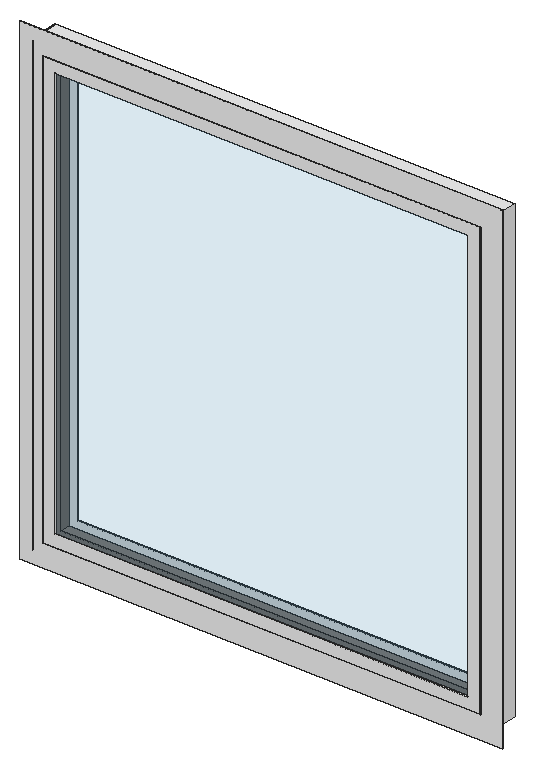
Revit family "Casement_28_E_Side_Hung_Custom", category Windows, host Wall, Revit 2014
Parameters (values of type "Casement_Sash_DG")
  Width Sash [instance] = 30 mm
  Width Sash Inner = 15 mm
  Width Bead = 15 mm
  Top Hung [instance] = yes
  Side Hung Right [instance] = yes
  Side Hung Left [instance] = yes
  Sash Opening Width [instance] = 600 mm
  Sash Opening Height [instance] = 600.312 mm
  Sash Lip = 15 mm
  Glazing Material [instance] = Glass
  DG Start Piece 2 [instance] = DG End Piece 1 + DG Gasket Thickness  # 25 mm
  DG Start Peice 1 [instance] = (Depth Sash - (2 * DG Glazing Thickness) - DG Gasket Thickness) / 2  # 6.6 mm
  Glazing Offset = 5 mm
  DG Glazing Thickness [instance] = 6.4 mm
  DG Gasket Thickness = 12 mm  # constant formula
  DG Gasket Material [instance] = Double Glazing Gasket Material
  DG End Piece 2 [instance] = DG Start Piece 2 + DG Glazing Thickness  # 31.4 mm
  DG End Piece 1 [instance] = DG Start Peice 1 + DG Glazing Thickness  # 13 mm
  Depth Sash [instance] = 38 mm
  Center Vertical Sash [instance] = Sash Opening Height / 2  # 300.156 mm
  Center Horizontal Sash [instance] = Sash Opening Width / 2  # 300 mm
  Bottom Hung [instance] = yes
  Bead Offset = 15 mm
  Aluminium Thickness = 1 mm
  Aluminium Material [instance] = White Powder Coated Aluminium
Reference planes
  plane 1 "Center (Front/Back)": y = 0
  plane 2: z = 0
  plane 3 "Center (Left/Right)": x = 0
Forms (mm)
  Sweep 1, solid, material "White Powder Coated Aluminium" <- "Aluminium Material"
    path origin (16.177, 0, 121.331) x (1, 0, 0) y (0, 0, 1)
      loop
        line (0, 0) -> (600, 0) -> (600, 600.312) -> (0, 600.312) -> (0, 0)
    profile origin (316.177, 0, 121.331) x (0, 0, 1) y (0, -1, 0)
      loop
        line (0, 0) -> (30, 0) -> (30, 1) -> (15, 1) -> (15, 38) -> (-15, 38) -> (-15, 37) -> (0, 37) -> (0, 0)
      loop
        line (14, 1) -> (14, 37) -> (1, 37) -> (1, 1) -> (14, 1)
  Sweep 2, solid, material "White Powder Coated Aluminium" <- "Aluminium Material"
    path origin (0, 0, 0) x (1, 0, 0) y (0, 0, 1)
      loop
        line (31.177, 706.643) -> (31.177, 136.331) -> (601.177, 136.331) -> (601.177, 706.643) -> (31.177, 706.643)
    profile origin (316.177, 0, 706.643) x (0, 0, 1) y (0, -1, 0)
      loop
        line (0, 37) -> (0, 38) -> (-15, 38) -> (-15, 37) -> (0, 37)
  Extrusion 3, solid, material "Glass" <- "Glazing Material"
    sketch origin (0, 0, 0) x (1, 0, 0) y (0, 0, 1)
      loop
        line (36.177, 701.643) -> (36.177, 141.331) -> (596.177, 141.331) -> (596.177, 701.643) -> (36.177, 701.643)
    from 6.6 <- "DG Start Peice 1" to 13 <- "DG End Piece 1"
  Extrusion 4, solid, material "Glass" <- "Glazing Material"
    sketch origin (0, 0, 0) x (1, 0, 0) y (0, 0, 1)
      loop
        line (36.177, 701.643) -> (36.177, 141.331) -> (596.177, 141.331) -> (596.177, 701.643) -> (36.177, 701.643)
    from 31.4 <- "DG End Piece 2" to 25 <- "DG Start Piece 2"
  Sweep 5, solid, material "Double Glazing Gasket Material" <- "DG Gasket Material"
    path origin (0, -13, 0) x (1, 0, 0) y (0, 0, 1)
      loop
        line (36.177, 701.643) -> (36.177, 141.331) -> (596.177, 141.331) -> (596.177, 701.643) -> (36.177, 701.643)
    profile origin (316.177, -13, 701.643) x (0, 0, 1) y (0, -1, 0)
      loop
        line (0, 0) -> (0, 12) -> (-7.96, 12) -> (-7.96, 0) -> (0, 0)
Lines and regions (mm)
  model lines
    curve 1: line (1.177, -38, 736.643) -> (31.177, -38, 706.643)
    curve 2: line (601.177, -38, 706.643) -> (631.177, -38, 736.643)
    curve 3: line (601.177, -38, 136.331) -> (631.177, -38, 106.331)
    curve 4: line (1.177, -38, 106.331) -> (31.177, -38, 136.331)
    curve 5: line (631.177, -37, 736.643) -> (616.177, -37, 721.643)
    curve 6: line (1.177, -37, 736.643) -> (16.177, -37, 721.643)
    curve 7: line (1.177, -37, 106.331) -> (16.177, -37, 121.331)
    curve 8: line (631.177, -37, 106.331) -> (616.177, -37, 121.331)
    curve 9: line (616.177, 0, 121.331) -> (586.177, 0, 151.331)
    curve 10: line (46.177, 0, 151.331) -> (16.177, 0, 121.331)
    curve 11: line (616.177, 0, 721.643) -> (586.177, 0, 691.643)
    curve 12: line (46.177, 0, 691.643) -> (16.177, 0, 721.643)
    curve 13: line (31.177, -38, 691.643) -> (46.177, -38, 691.643)
    curve 14: line (586.177, -38, 691.643) -> (601.177, -38, 691.643)
    curve 15: line (586.177, -38, 151.331) -> (601.177, -38, 151.331)
    curve 16: line (31.177, -38, 151.331) -> (46.177, -38, 151.331)
  model lines, style "GenericModelHiddenLines", visible <- "Top Hung"
    curve 17: line (46.386, -31.4, 690.914) -> (316.177, -31.4, 151.331)
    curve 18: line (316.177, -31.4, 151.331) -> (586.177, -31.4, 691.331)
  model lines, style "GenericModelHiddenLines", visible <- "Bottom Hung"
    curve 19: line (46.177, -31.4, 151.331) -> (316.177, -31.4, 691.331)
    curve 20: line (316.177, -31.4, 691.331) -> (586.177, -31.4, 151.331)
  model lines, style "GenericModelHiddenLines", visible <- "Side Hung Left"
    curve 21: line (46.386, -31.4, 690.914) -> (585.24, -31.4, 421.487)
    curve 22: line (585.24, -31.4, 421.487) -> (46.177, -31.4, 151.331)
  model lines, style "GenericModelHiddenLines", visible <- "Side Hung Right"
    curve 23: line (586.177, -31.4, 691.331) -> (46.177, -31.4, 421.487)
    curve 24: line (46.177, -31.4, 421.487) -> (586.177, -31.4, 151.331)
Dimensions and locks
  "Aluminium Thickness": Sweep 1 sketch curve to Sweep 1 sketch curve  (x4)
  "Depth Sash": Sweep 1 sketch curve to Sweep 1 sketch curve
  "Sash Opening Width": Sweep 1 to Sweep 1
  "Sash Opening Height": Sweep 1 to Sweep 1
  "Width Sash": Sweep 1 sketch curve to Sweep 1 sketch curve  (x2)
  "Width Sash Inner": Sweep 1 sketch curve to Sweep 1 sketch curve
  "Sash Lip": Sweep 1 sketch curve to Sweep 1 sketch curve
  "Aluminium Thickness": Sweep 1 to Sweep 2 sketch curve
  "Glazing Offset": Sweep 2 to Extrusion 3 sketch curve  (x3)
  "Glazing Offset": Extrusion 3 sketch curve to Sweep 2
  Sweep 1 to Sweep 1 = 1 mm
  "Aluminium Thickness": Sweep 2 sketch curve to Sweep 2 sketch curve
  "Width Bead": Sweep 2 sketch curve to Sweep 2 sketch curve
  locked: Sweep 5 sketch curve to Sweep 5 sketch curve at 7.96
  "Center Horizontal Sash": Sweep 1 to curve 18
  "Center Horizontal Sash": Sweep 1 to curve 20
  "Center Vertical Sash": Sweep 1 to curve 22
  "Center Vertical Sash": Sweep 1 to curve 24
  aligned and locked: level to plane 2
  aligned and locked: Sweep 1 sketch curve to Sweep 1 sketch curve  (x2)
  aligned and locked: Sweep 2 sketch curve to Sweep 1  (x5)
  aligned and locked: Extrusion 4 sketch curve to Extrusion 3  (x4)
  aligned and locked: Sweep 5 sketch curve to Extrusion 3  (x5)
  aligned and locked: Extrusion 3 to Sweep 5 sketch curve
Automatic sketch dimensions
  plane 3 "Center (Left/Right)" to Sweep 1 sketch curve = 16.177 mm
  level to Sweep 1 sketch curve = 121.331 mm
  plane 3 "Center (Left/Right)" to Sweep 1 sketch curve = 616.177 mm
  level to Sweep 1 sketch curve = 721.643 mm
  profile plane to Sweep 5 sketch curve = 12 mm
  curve 7 to Sweep 1 = 0 mm  (x4)
  curve 6 to Sweep 1 = 0 mm  (x3)
  Sweep 1 to curve 6 = 0 mm
  curve 5 to Sweep 1 = 0 mm  (x3)
  curve 8 to Sweep 1 = 0 mm  (x4)
  Sweep 1 to curve 5 = 0 mm
  curve 16 to Sweep 2 = 0 mm  (x3)
  curve 13 to Sweep 2 = 0 mm  (x3)
  curve 15 to Sweep 2 = 0 mm
  Sweep 2 to curve 15 = 0 mm  (x2)
  curve 14 to Sweep 2 = 0 mm  (x2)
  Sweep 2 to curve 14 = 0 mm
  curve 1 to Sweep 1 = 0 mm  (x4)
  curve 4 to Sweep 1 = 0 mm  (x3)
  Sweep 1 to curve 4 = 0 mm
  curve 3 to Sweep 1 = 0 mm  (x3)
  curve 2 to Sweep 1 = 0 mm  (x4)
  Sweep 1 to curve 3 = 0 mm
  curve 10 to Sweep 1 = 0 mm  (x4)
  curve 12 to Sweep 1 = 0 mm  (x3)
  Sweep 1 to curve 12 = 0 mm
  curve 9 to Sweep 1 = 0 mm  (x4)
  curve 11 to Sweep 1 = 0 mm  (x3)
  Sweep 1 to curve 11 = 0 mm
  Sweep 1 sketch curve to plane 1 "Center (Front/Back)" = 0 mm
  profile plane to Sweep 1 sketch curve = 0 mm
  curve 21 to Extrusion 4 = 10.208 mm
  curve 19 to Extrusion 4 = 10 mm
  curve 23 to Extrusion 4 = 10 mm  (x2)
  curve 22 to Extrusion 4 = 10.937 mm
  curve 20 to Extrusion 4 = 10 mm
  curve 24 to Extrusion 4 = 10 mm
  curve 22 to Extrusion 4 = 10 mm
  curve 18 to Extrusion 4 = 10 mm
  curve 21 to Extrusion 4 = 10.729 mm
  curve 19 to Extrusion 4 = 10.312 mm
  curve 18 to Extrusion 4 = 10.312 mm
